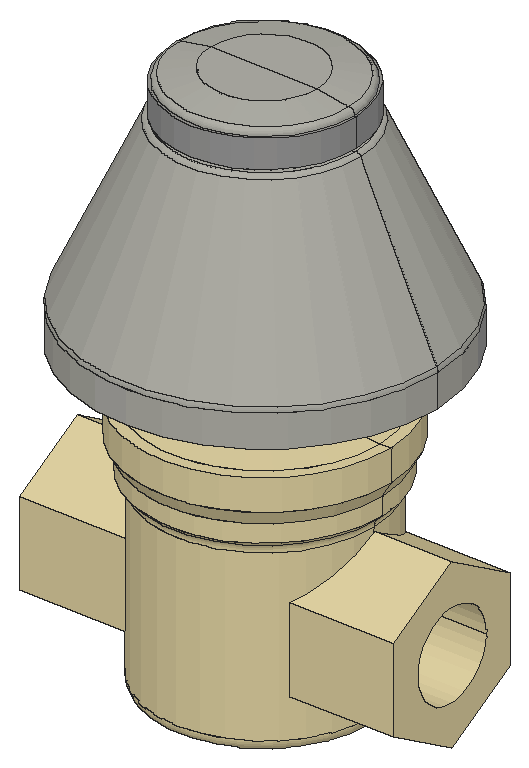
Revit family "QD21100000", category Apparecchi idraulici, Revit 2020
Family settings
  Quota connettore circolare = Usa diametro
  Tipo di parte = Normale
  Numero OmniClass = 23.45.00.00
  Titolo OmniClass = Sanitary, Laundry, and Cleaning Equipment
  Basato su piano di lavoro = No
  Sempre verticale = Sì
  Taglio con vuoti quando caricato = No
  Condiviso = No
  Punto di calcolo locali = No
Parameters
  URL = "https://web.cimberio.it/index.php/figura/91?subcategoria_id=43151"
  Temperatura di esercizio = "-10 ÷ 95°C"
  Prospetto di default = 0 mm
  Produttore = "CIMBERIO SPA"
  Pressione nominale = "PN 16"
  Modello = "Cim 125"
  Materiale = "Prodotto in lega di ottone conforme alla norma EN 12165-CW617N-DW."
  Descrizione = "Impiegato nei più svariati settori dell'impiantistica in condutture anti-ritorno per: reti di distribuzione acqua potabile, impianti di riscaldamento, condizionamento, igienico-sanitari e in generale con ogni fluido non corrosivo."
  DN Model [instance] = QD21101015 : QD21101015
  DN [instance] = 15 mm
  Commenti sul tipo = "Realizzato in ottemperanza ai requisiti gestionali della norma EN ISO 9001.\r\nCollaudato al 100% secondo la normativa EN 12266-1"
Reference planes
  plane 1 "Centro (Fronte/Retro)": y = 0
  plane 2: z = 0
  plane 3 "Centro (Sinistra/Destra)": x = 0
Dimensions and locks
  aligned and locked: level to plane 2
Nested families
  nested 1: "QD21101015" at (0, 0, 0), type <- "DN Model", type "QD21101015"
  nested 2: "QD21101015" at (0, 0, 0), type <- "DN Model", type "QD21101015"
Connectors
  piping at (32.5, 0, 0), diameter 15, driven by "DN"
    settings: on nested 1, index 1, connector inside diameter 609.6 mm, connector length 0 mm, flow factor 0, pipe flow 0.0 L/s, pressure drop 0.0 Pa, fitting loss kfactor 0, connector angle 0.00°, fixture units 0, engagement length 0 mm, angle of deflection 0.00°, flow configuration 0, flow direction 0, fitting loss method 0, system type 7, joint type 0, gender type 0, connector reference index -1, connector utility 0, adjustable connector no, is connector primary yes, connector description ""
  piping at (-32.5, 0, 0), diameter 15, driven by "DN"
    settings: on nested 1, index 2, connector inside diameter 609.6 mm, connector length 0 mm, flow factor 0, pipe flow 0.0 L/s, pressure drop 0.0 Pa, fitting loss kfactor 0, connector angle 0.00°, fixture units 0, engagement length 0 mm, angle of deflection 0.00°, flow configuration 0, flow direction 0, fitting loss method 0, system type 7, joint type 0, gender type 0, connector reference index -1, connector utility 0, adjustable connector no, is connector primary no, connector description ""
Definition of nested family "QD21101015"
  Parameters (values of type "QD21101015")
    Default Elevation = 0 mm
  Reference planes
    plane 1 "Centro (Fronte/Retro)": y = 0
    plane 2: z = 0
    plane 3 "Centro (Sinistra/Destra)": x = 0
  Forms (mm)
    Revolve 1, solid
      sketch origin (0, 0, 0) x (1, 0, 0) y (0, 0, 1)
        loop
          line (0, 37.5) -> (-14.95, 37.5) -> (-14.45, 36.5) -> (-9.583, 36.5) -> (-9.583, 30.334)
          arc (-9.583, 30.334) -> (-9.852, 29.65) -> (-10.516, 29.334) r 1.003
          line (-10.516, 29.334) -> (-20, 28.504) -> (-22, 28.5) -> (-22, 23.134) -> (-20.5, 20.536) -> (-20.5, 17.5) -> (-19.586, 16.586)
          arc (-19.586, 16.586) -> (-19.152, 15.937) -> (-19, 15.172) r 2
          line (-19, 15.172) -> (-19, -14.106)
          arc (-19, -14.106) -> (-18.451, -15.483) -> (-17.105, -16.104) r 2
          line (-17.105, -16.104) -> (0, -17) -> (0, 37.5)
        axis (0, 37.5) -> (0, -17)
      angle from 0 to 360
    Extrusion 2, solid
      sketch origin (0, 0, 0) x (0, 1, 0) y (0, 0, 1)
        loop
          circle (0, 0) r 7.5
        loop
          line (0, 14.5) -> (-12.557, 7.25) -> (-12.557, -7.25) -> (0, -14.5) -> (12.557, -7.25) -> (12.557, 7.25) -> (0, 14.5)
      from -32.5 to -12.695
    Extrusion 3, solid
      sketch origin (0, 0, 0) x (0, 1, 0) y (0, 0, -1)
        loop
          circle (0, 0) r 7.5
        loop
          line (0, -14.5) -> (12.557, -7.25) -> (12.557, 7.25) -> (0, 14.5) -> (-12.557, 7.25) -> (-12.557, -7.25) -> (0, -14.5)
      from -32.5 to -12.695
    Revolve 4, solid
      sketch origin (0, 0, 0) x (1, 0, 0) y (0, 0, 1)
        loop
          line (0, 72.5) -> (-15.84, 72.5)
          arc (-15.84, 72.5) -> (-16.377, 72.343) -> (-16.746, 71.923) r 1
          line (-16.746, 71.923) -> (-29.813, 43.902)
          arc (-29.813, 43.902) -> (-29.953, 43.489) -> (-30, 43.057) r 2
          line (-30, 43.057) -> (-30, 37.5) -> (-10, 37.5) -> (-10, 53.464) -> (0, 53.464) -> (0, 72.5)
        axis (0, 72.5) -> (0, 37.5)
      angle from 0 to 360
    Revolve 5, solid
      sketch origin (0, 0, 0) x (1, 0, 0) y (0, 0, 1)
        loop
          line (0, 80) -> (-9.25, 80) -> (-14.674, 79.044)
          arc (-14.674, 79.044) -> (-15.285, 78.679) -> (-15.498, 78) r 1
          line (-15.498, 78) -> (0, 78) -> (0, 80)
        axis (0, 80) -> (0, 78)
      angle from 0 to 360
    Revolve 6, solid
      sketch origin (0, 0, 0) x (1, 0, 0) y (0, 0, 1)
        loop
          line (0, 78) -> (-15.961, 78) -> (-15.961, 73.084) -> (-14.95, 72.5) -> (0, 72.5) -> (0, 78)
        axis (0, 78) -> (0, 72.5)
      angle from 0 to 360
  Dimensions and locks
    aligned and locked: level to plane 2
